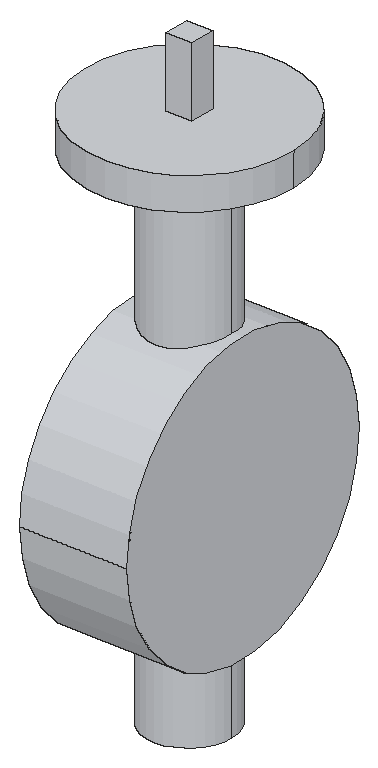
Revit family "HS497-67_disk-litina-volné vřeteno DN080-RFA_2019", category Pipe Accessories, Revit 2019
Family settings
  Round Connector Dimension = Use Diameter
  Part Type = Valve - Breaks Into
  Work Plane-Based = No
  Always vertical = Yes
  Cut with Voids When Loaded = No
  Shared = No
Parameters (values of type "HS 497-67_DN080_PN16_volné vřeteno")
  magiProductId = "9e85c75c18654e1185a9c48ed6b00e"
  magiProductFamilyId = "53cea81e6f374d17b8841d9c72ad77"
  magiPartTypeId = 305
  isMeasuringValve [instance] = no
  ang2D [instance] = 0.00°
  X11 = 61.456 mm
  X1 = 25.456 mm
  W2D = 1000 mm
  VersionID = "2.0/2017.9.26.1/ZETKAMA_497_001"
  Use Minimum Symbol Size [instance] = yes
  URL = "http://www.hydronic.cz"
  Type Comments = "mezipřírubová; litinový disk; PN16; -10~+110°C (krátkodobě +120°C)"
  SW30 = no
  SW3 = no
  SW21 = no
  SW20 = no
  SW2 = no
  SW1 = yes
  R = 40 mm
  QmdConnectorList = "301;D;302;D"
  Productdata [instance] = ""
  NC = 50 mm
  Model = ""
  Manufacturer = "Hydronic Systems Prague s.r.o."
  MM20 = 25.456 mm
  MC Product Code = "123 080 (litinový disk, s volným vřetenem; DN80; PN16, kvs258)"
  M41 = 66 mm
  M4 = 44 mm
  LHL = 220 mm
  LHH3 = 2.45 mm
  LHH1 = 46.55 mm
  LH1 = 73.333 mm
  L4R__ve = -L4R  # -12.8 mm
  L4R = 12.8 mm
  L42__ve = -L42  # -96 mm
  L42 = 96 mm
  L41__ve = -L41  # -19.2 mm
  L41 = 19.2 mm
  L2D_Min = 3048 mm
  L2D = 216 mm
  L2 = 23 mm
  L1 = 36.8 mm
  L = 46 mm
  H = 30 mm
  G22 = 11.25 mm
  G2 = 22.5 mm
  G1 = 90 mm
  G = 90 mm
  F = 11 mm
  E44 = 31.25 mm
  E42 = 62.5 mm
  E4 = 125 mm
  E23 = 4.9 mm
  E22 = 19.6 mm
  E21 = 9.8 mm
  Description = "Mezipřírubová uzavírací klapka s volným vřetenem; litinový disk, DN80; PN16; kvs258"
  DR2 = 40 mm
  DR = 124 mm
  DD1 = 15.625 mm
  DD = 12.5 mm
  D = 80 mm
  CAT0 = yes
  B2__ve = -B2  # -54 mm
  B2 = 54 mm
  A2 = 14.1 mm
  A1 = 86.9 mm
Types (43, lengths in mm): name | magiProductId | X11 | X1 | Type Comments | SW30 | SW3 | SW20 | SW2 | SW1 | R | NC | MM20 | MC Product Code | M41 | M4 | LHL | LHH3 | LHH1 | LH1 | L4R__ve | L4R | L42__ve | L42 | L41__ve | L41 | L2 | L1 | L | H | G | F | E44 | E42 | E4 | E23 | E22 | E21 | Description | DR2 | DR | DD1 | DD | D | B2__ve | B2 | A2 | A1
  HS 497-67_DN100_PN16_volné vřeteno | "65d1b245f4f142c78569c0602d5754" | 61.456 | 25.456 | "mezipřírubová; litinový disk; PN16; -10~+110°C (krátkodobě +120°C)" | no | no | no | no | yes | 50 | 50 | 25.456 | "123 100 (litinový disk, s volným vřetenem; DN100; PN16, kvs512)" | 66 | 44 | 220 | 2.45 | 46.55 | 73.333 | -12.8 | 12.8 | -96 | 96 | -19.2 | 19.2 | 26 | 41.6 | 52 | 30 | 90 | 11 | 31.25 | 62.5 | 125 | 4.9 | 19.6 | 9.8 | "Mezipřírubová uzavírací klapka s volným vřetenem; litinový disk, DN100; PN16; kvs512" | 50 | 147 | 15.625 | 12.5 | 100 | -56 | 56 | 16.5 | 98.5
  HS 497-67_DN100_PN16_převodové kolo | "11e91b807e674d428c8e796fcdcfe2" | 61.456 | 25.456 | "mezipřírubová; litinový disk; PN16; -10~+110°C (krátkodobě +120°C)" | yes | yes | no | no | no | 50 | 50 | 25.456 | "125 100 (litinový disk, s převodovým kolem; DN100; PN16, kvs512)" | 65.25 | 43.5 | 220 | 2.45 | 46.55 | 73.333 | -12.8 | 12.8 | -96 | 96 | -19.2 | 19.2 | 26 | 41.6 | 52 | 30 | 90 | 11 | 31.25 | 62.5 | 125 | 4.9 | 19.6 | 9.8 | "Mezipřírubová uzavírací klapka s převodovým kolem; litinový disk, DN100; PN16; kvs512" | 50 | 147 | 15.625 | 12.5 | 100 | -56 | 56 | 16.5 | 98.5
  HS 497-67_DN100_PN16_s pákou | "28172f0b3f4b47b28323ac71cf8749" | 61.456 | 25.456 | "mezipřírubová; litinový disk; PN16; -10~+110°C (krátkodobě +120°C)" | no | no | yes | yes | no | 50 | 50 | 25.456 | "120 100 (litinový disk, s pákou; DN100; PN16, kvs512)" | 66 | 44 | 260 | 3 | 57 | 86.667 | -12.8 | 12.8 | -96 | 96 | -19.2 | 19.2 | 26 | 41.6 | 52 | 30 | 90 | 11 | 31.25 | 62.5 | 125 | 6 | 24 | 12 | "Mezipřírubová uzavírací klapka s pákou; litinový disk, DN100; PN16; kvs512" | 50 | 147 | 15.625 | 12.5 | 100 | -56 | 56 | 16.5 | 98.5
  HS 497-67_DN125_PN16_volné vřeteno | "0d813d910fc14f628bb3c2efbd185c" | 61.456 | 25.456 | "mezipřírubová; litinový disk; PN16; -10~+110°C (krátkodobě +120°C)" | no | no | no | no | yes | 62.5 | 50 | 25.456 | "123 125 (litinový disk, s volným vřetenem; DN125; PN16, kvs872)" | 66 | 44 | 220 | 2.45 | 46.55 | 73.333 | -12.8 | 12.8 | -96 | 96 | -19.2 | 19.2 | 28 | 44.8 | 56 | 33 | 90 | 14 | 31.25 | 62.5 | 125 | 4.9 | 19.6 | 9.8 | "Mezipřírubová uzavírací klapka s volným vřetenem; litinový disk, DN125; PN16; kvs872" | 62.5 | 180 | 15.625 | 12.5 | 125 | -64 | 64 | 18 | 99.5
  HS 497-67_DN125_PN16_převodové kolo | "c56b7c13f372467684996fb1e0e229" | 61.456 | 25.456 | "mezipřírubová; litinový disk; PN16; -10~+110°C (krátkodobě +120°C)" | yes | yes | no | no | no | 62.5 | 50 | 25.456 | "125 125 (litinový disk, s převodovým kolem; DN125; PN16, kvs872)" | 65.25 | 43.5 | 220 | 2.45 | 46.55 | 73.333 | -13.5 | 13.5 | -101.25 | 101.25 | -20.25 | 20.25 | 28 | 44.8 | 56 | 33 | 90 | 14 | 40 | 80 | 160 | 4.9 | 19.6 | 9.8 | "Mezipřírubová uzavírací klapka s převodovým kolem; litinový disk, DN125; PN16; kvs872" | 62.5 | 180 | 20 | 16 | 125 | -64 | 64 | 18 | 99.5
  HS 497-67_DN125_PN16_s pákou | "105993c79a91492399feef7931321a" | 61.456 | 25.456 | "mezipřírubová; litinový disk; PN16; -10~+110°C (krátkodobě +120°C)" | no | no | yes | yes | no | 62.5 | 50 | 25.456 | "120 125 (litinový disk, s pákou; DN125; PN16, kvs872)" | 66 | 44 | 315 | 3.75 | 71.25 | 105 | -12.8 | 12.8 | -96 | 96 | -19.2 | 19.2 | 28 | 44.8 | 56 | 33 | 90 | 14 | 31.25 | 62.5 | 125 | 7.5 | 30 | 15 | "Mezipřírubová uzavírací klapka s pákou; litinový disk, DN125; PN16; kvs872" | 62.5 | 180 | 15.625 | 12.5 | 125 | -64 | 64 | 18 | 99.5
  HS 497-67_DN150_PN16_volné vřeteno | "50c80cb8ab434f55ab7796e5ac1331" | 61.456 | 25.456 | "mezipřírubová; litinový disk; PN16; -10~+110°C (krátkodobě +120°C)" | no | no | no | no | yes | 75 | 50 | 25.456 | "123 150 (litinový disk, s volným vřetenem; DN150; PN16, kvs1347)" | 66 | 44 | 220 | 2.45 | 46.55 | 73.333 | -12.8 | 12.8 | -96 | 96 | -19.2 | 19.2 | 28 | 44.8 | 56 | 33 | 90 | 14 | 31.25 | 62.5 | 125 | 4.9 | 19.6 | 9.8 | "Mezipřírubová uzavírací klapka s volným vřetenem; litinový disk, DN150; PN16; kvs1347" | 75 | 206 | 15.625 | 12.5 | 150 | -58 | 58 | 19.3 | 98.7
  HS 497-67_DN150_PN16_převodové kolo | "d94a1a0cf83b476eb10011b327f709" | 61.456 | 25.456 | "mezipřírubová; litinový disk; PN16; -10~+110°C (krátkodobě +120°C)" | yes | yes | no | no | no | 75 | 50 | 25.456 | "125 150 (litinový disk, s převodovým kolem; DN150; PN16, kvs1347)" | 65.25 | 43.5 | 220 | 2.45 | 46.55 | 73.333 | -13.5 | 13.5 | -101.25 | 101.25 | -20.25 | 20.25 | 28 | 44.8 | 56 | 33 | 90 | 14 | 40 | 80 | 160 | 4.9 | 19.6 | 9.8 | "Mezipřírubová uzavírací klapka s převodovým kolem; litinový disk, DN150; PN16; kvs1347" | 75 | 206 | 20 | 16 | 150 | -58 | 58 | 19.3 | 98.7
  HS 497-67_DN150_PN16_s pákou | "4d2835523fe84828bc50ff0a5a0dfb" | 61.456 | 25.456 | "mezipřírubová; litinový disk; PN16; -10~+110°C (krátkodobě +120°C)" | no | no | yes | yes | no | 75 | 50 | 25.456 | "120 150 (litinový disk, s pákou; DN150; PN16, kvs1347)" | 66 | 44 | 315 | 3.75 | 71.25 | 105 | -12.8 | 12.8 | -96 | 96 | -19.2 | 19.2 | 28 | 44.8 | 56 | 33 | 90 | 14 | 31.25 | 62.5 | 125 | 7.5 | 30 | 15 | "Mezipřírubová uzavírací klapka s pákou; litinový disk, DN150; PN16; kvs1347" | 75 | 206 | 15.625 | 12.5 | 150 | -58 | 58 | 19.3 | 98.7
  HS 497-67_DN200_PN16_volné vřeteno | "5b29029eaeba47139ee1055a4b9201" | 61.456 | 25.456 | "mezipřírubová; litinový disk; PN16; -10~+110°C (krátkodobě +120°C)" | no | no | no | no | yes | 100 | 50 | 25.456 | "123 200 (litinový disk, s volným vřetenem; DN200; PN16, kvs2675)" | 66 | 44 | 220 | 2.45 | 46.55 | 73.333 | -12.8 | 12.8 | -96 | 96 | -19.2 | 19.2 | 30 | 48 | 60 | 33 | 90 | 17 | 31.25 | 62.5 | 125 | 4.9 | 19.6 | 9.8 | "Mezipřírubová uzavírací klapka s volným vřetenem; litinový disk, DN200; PN16; kvs2675" | 100 | 257 | 15.625 | 12.5 | 200 | -70 | 70 | 22.5 | 102.5
  HS 497-67_DN200_PN16_převodové kolo | "b2793cc1fcc44cf2a35062cd67c04f" | 61.456 | 25.456 | "mezipřírubová; litinový disk; PN16; -10~+110°C (krátkodobě +120°C)" | yes | yes | no | no | no | 100 | 57 | 25.456 | "125 200 (litinový disk, s převodovým kolem; DN200; PN16, kvs2675)" | 78.75 | 52.5 | 220 | 2.45 | 46.55 | 73.333 | -15.2 | 15.2 | -114 | 114 | -22.8 | 22.8 | 30 | 48 | 60 | 33 | 90 | 17 | 50 | 100 | 200 | 4.9 | 19.6 | 9.8 | "Mezipřírubová uzavírací klapka s převodovým kolem; litinový disk, DN200; PN16; kvs2675" | 100 | 257 | 25 | 20 | 200 | -70 | 70 | 22.5 | 102.5
  HS 497-67_DN200_PN16_s pákou | "f88d96c7af224537a51e72d7d8fffe" | 61.456 | 25.456 | "mezipřírubová; litinový disk; PN16; -10~+110°C (krátkodobě +120°C)" | no | no | yes | yes | no | 100 | 50 | 25.456 | "120 200 (litinový disk, s pákou; DN200; PN16, kvs2675)" | 66 | 44 | 315 | 3.75 | 71.25 | 105 | -12.8 | 12.8 | -96 | 96 | -19.2 | 19.2 | 30 | 48 | 60 | 33 | 90 | 17 | 31.25 | 62.5 | 125 | 7.5 | 30 | 15 | "Mezipřírubová uzavírací klapka s pákou; litinový disk, DN200; PN16; kvs2675" | 100 | 257 | 15.625 | 12.5 | 200 | -70 | 70 | 22.5 | 102.5
  HS 497-67_DN250_PN16_volné vřeteno | "b662e8305ca2402b9c510e66e6aa55" | 88.77 | 36.77 | "mezipřírubová; litinový disk; PN16; -10~+110°C (krátkodobě +120°C)" | no | no | no | no | yes | 125 | 50 | 36.77 | "123 250 (litinový disk, s volným vřetenem; DN250; PN16, kvs4555)" | 66 | 44 | 220 | 2.45 | 46.55 | 73.333 | -12.8 | 12.8 | -96 | 96 | -19.2 | 19.2 | 34 | 54.4 | 68 | 23 | 130 | 22 | 31.25 | 62.5 | 125 | 4.9 | 19.6 | 9.8 | "Mezipřírubová uzavírací klapka s volným vřetenem; litinový disk, DN250; PN16; kvs4555" | 125 | 324 | 15.625 | 12.5 | 250 | -85 | 85 | 28.25 | 129.25
  HS 497-67_DN250_PN16_převodové kolo | "5ee9016806664ddfaa2632711f295c" | 88.77 | 36.77 | "mezipřírubová; litinový disk; PN16; -10~+110°C (krátkodobě +120°C)" | yes | yes | no | no | no | 125 | 70 | 36.77 | "125 250 (litinový disk, s převodovým kolem; DN250; PN16, kvs4555)" | 91.5 | 61 | 220 | 2.45 | 46.55 | 73.333 | -22.2 | 22.2 | -166.5 | 166.5 | -33.3 | 33.3 | 34 | 54.4 | 68 | 23 | 130 | 22 | 62.5 | 125 | 250 | 4.9 | 19.6 | 9.8 | "Mezipřírubová uzavírací klapka s převodovým kolem; litinový disk, DN250; PN16; kvs4555" | 125 | 324 | 31.25 | 25 | 250 | -85 | 85 | 28.25 | 129.25
  HS 497-67_DN300_PN16_volné vřeteno | "e1886f51ff004380a649519258edf2" | 88.77 | 36.77 | "mezipřírubová; litinový disk; PN16; -10~+110°C (krátkodobě +120°C)" | no | no | no | no | yes | 150 | 50 | 36.77 | "123 300 (litinový disk, s volným vřetenem; DN300; PN16, kvs7037)" | 66 | 44 | 220 | 2.45 | 46.55 | 73.333 | -12.8 | 12.8 | -96 | 96 | -19.2 | 19.2 | 39 | 62.4 | 78 | 23 | 130 | 22 | 31.25 | 62.5 | 125 | 4.9 | 19.6 | 9.8 | "Mezipřírubová uzavírací klapka s volným vřetenem; litinový disk, DN300; PN16; kvs7037" | 150 | 376 | 15.625 | 12.5 | 300 | -90 | 90 | 30.8 | 127.2
  HS 497-67_DN300_PN16_převodové kolo | "6860f094f77d42088fbebc3c97f755" | 88.77 | 36.77 | "mezipřírubová; litinový disk; PN16; -10~+110°C (krátkodobě +120°C)" | yes | yes | no | no | no | 150 | 70 | 36.77 | "125 300 (litinový disk, s převodovým kolem; DN300; PN16, kvs7037)" | 91.5 | 61 | 220 | 2.45 | 46.55 | 73.333 | -22.2 | 22.2 | -166.5 | 166.5 | -33.3 | 33.3 | 39 | 62.4 | 78 | 23 | 130 | 22 | 62.5 | 125 | 250 | 4.9 | 19.6 | 9.8 | "Mezipřírubová uzavírací klapka s převodovým kolem; litinový disk, DN300; PN16; kvs7037" | 150 | 376 | 31.25 | 25 | 300 | -90 | 90 | 30.8 | 127.2
  HS 497-67_DN032_PN16_volné vřeteno | "8c5f65de52aa4067a77564107e31b2" | 61.456 | 25.456 | "mezipřírubová; litinový disk; PN16; -10~+110°C (krátkodobě +120°C)" | no | no | no | no | yes | 16 | 50 | 25.456 | "123 032 (litinový disk, s volným vřetenem; DN32; PN16, kvs78)" | 66 | 44 | 220 | 2.45 | 46.55 | 73.333 | -12.8 | 12.8 | -96 | 96 | -19.2 | 19.2 | 16.5 | 26.4 | 33 | 30 | 90 | 11 | 31.25 | 62.5 | 125 | 4.9 | 19.6 | 9.8 | "Mezipřírubová uzavírací klapka s volným vřetenem; litinový disk, DN32; PN16; kvs78" | 16 | 68 | 15.625 | 12.5 | 32 | -44.2 | 44.2 | 10.25 | 76.25
  HS 497-67_DN032_PN16_převodové kolo | "60aaeffa8b3a4e809ef000e4660060" | 61.456 | 25.456 | "mezipřírubová; litinový disk; PN16; -10~+110°C (krátkodobě +120°C)" | yes | yes | no | no | no | 16 | 50 | 25.456 | "125 032 (litinový disk, s převodovým kolem; DN32; PN16, kvs78)" | 65.25 | 43.5 | 220 | 2.45 | 46.55 | 73.333 | -12.8 | 12.8 | -96 | 96 | -19.2 | 19.2 | 16.5 | 26.4 | 33 | 30 | 90 | 11 | 31.25 | 62.5 | 125 | 4.9 | 19.6 | 9.8 | "Mezipřírubová uzavírací klapka s převodovým kolem; litinový disk, DN32; PN16; kvs78" | 16 | 68 | 15.625 | 12.5 | 32 | -44.2 | 44.2 | 10.25 | 76.25
  HS 497-67_DN032_PN16_s pákou | "9ad8088d610749a1b871aa2aad8007" | 61.456 | 25.456 | "mezipřírubová; litinový disk; PN16; -10~+110°C (krátkodobě +120°C)" | no | no | yes | yes | no | 16 | 50 | 25.456 | "120 032 (litinový disk, s pákou; DN32; PN16, kvs78)" | 66 | 44 | 220 | 2.45 | 46.55 | 73.333 | -12.8 | 12.8 | -96 | 96 | -19.2 | 19.2 | 16.5 | 26.4 | 33 | 30 | 90 | 11 | 31.25 | 62.5 | 125 | 4.9 | 19.6 | 9.8 | "Mezipřírubová uzavírací klapka s pákou; litinový disk, DN32; PN16; kvs78" | 16 | 68 | 15.625 | 12.5 | 32 | -44.2 | 44.2 | 10.25 | 76.25
  HS 497-67_DN350_PN10_volné vřeteno | "72a1e05f22944421b7e9596a877137" | 109.255 | 45.255 | "mezipřírubová; litinový disk; PN10; -10~+110°C (krátkodobě +120°C)" | no | no | no | no | yes | 175 | 50 | 45.255 | "123 350 (litinový disk, s volným vřetenem; DN350; PN10, kvs10165)" | 66 | 44 | 220 | 2.45 | 46.55 | 73.333 | -12.8 | 12.8 | -96 | 96 | -19.2 | 19.2 | 39 | 62.4 | 78 | 31 | 160 | 22 | 31.25 | 62.5 | 125 | 4.9 | 19.6 | 9.8 | "Mezipřírubová uzavírací klapka s volným vřetenem; litinový disk, DN350; PN10; kvs10165" | 175 | 430 | 15.625 | 12.5 | 350 | -88 | 88 | 33.85 | 129.65
  HS 497-67_DN350_PN10_převodové kolo | "a5a01426cb28494ba3afca92f1dace" | 109.255 | 45.255 | "mezipřírubová; litinový disk; PN10; -10~+110°C (krátkodobě +120°C)" | yes | yes | no | no | no | 175 | 70 | 45.255 | "125 350 (litinový disk, s převodovým kolem; DN350; PN10, kvs10165)" | 91.5 | 61 | 220 | 2.45 | 46.55 | 73.333 | -22.2 | 22.2 | -166.5 | 166.5 | -33.3 | 33.3 | 39 | 62.4 | 78 | 31 | 160 | 22 | 62.5 | 125 | 250 | 4.9 | 19.6 | 9.8 | "Mezipřírubová uzavírací klapka s převodovým kolem; litinový disk, DN350; PN10; kvs10165" | 175 | 430 | 31.25 | 25 | 350 | -88 | 88 | 33.85 | 129.65
  HS 497-67_DN400_PN10_volné vřeteno | "c70ebeb927c04ab99b176e257ad0a7" | 109.255 | 45.255 | "mezipřírubová; litinový disk; PN10; -10~+110°C (krátkodobě +120°C)" | no | no | no | no | yes | 200 | 50 | 45.255 | "123 400 (litinový disk, s volným vřetenem; DN400; PN10, kvs13799)" | 66 | 44 | 220 | 2.45 | 46.55 | 73.333 | -12.8 | 12.8 | -96 | 96 | -19.2 | 19.2 | 51 | 81.6 | 102 | 31 | 160 | 27 | 31.25 | 62.5 | 125 | 4.9 | 19.6 | 9.8 | "Mezipřírubová uzavírací klapka s volným vřetenem; litinový disk, DN400; PN10; kvs13799" | 200 | 485 | 15.625 | 12.5 | 400 | -108 | 108 | 38 | 142
  HS 497-67_DN400_PN10_převodové kolo | "cc64a4384dcb41b780d81810f4f293" | 109.255 | 45.255 | "mezipřírubová; litinový disk; PN10; -10~+110°C (krátkodobě +120°C)" | yes | yes | no | no | no | 200 | 72.5 | 45.255 | "125 400 (litinový disk, s převodovým kolem; DN400; PN10, kvs13799)" | 103.5 | 69 | 220 | 2.45 | 46.55 | 73.333 | -27.8 | 27.8 | -208.5 | 208.5 | -41.7 | 41.7 | 51 | 81.6 | 102 | 31 | 160 | 27 | 75 | 150 | 300 | 4.9 | 19.6 | 9.8 | "Mezipřírubová uzavírací klapka s převodovým kolem; litinový disk, DN400; PN10; kvs13799" | 200 | 485 | 37.5 | 30 | 400 | -108 | 108 | 38 | 142
  HS 497-67_DN040_PN16_volné vřeteno | "35f92312390745e88df5b5c325d9ee" | 61.456 | 25.456 | "mezipřírubová; litinový disk; PN16; -10~+110°C (krátkodobě +120°C)" | no | no | no | no | yes | 20 | 50 | 25.456 | "123 040 (litinový disk, s volným vřetenem; DN40; PN16, kvs78)" | 66 | 44 | 220 | 2.45 | 46.55 | 73.333 | -12.8 | 12.8 | -96 | 96 | -19.2 | 19.2 | 16.5 | 26.4 | 33 | 30 | 90 | 11 | 31.25 | 62.5 | 125 | 4.9 | 19.6 | 9.8 | "Mezipřírubová uzavírací klapka s volným vřetenem; litinový disk, DN40; PN16; kvs78" | 20 | 76 | 15.625 | 12.5 | 40 | -36 | 36 | 11 | 79
  HS 497-67_DN040_PN16_převodové kolo | "d88e968eae3445bc9b7b4e6ff35127" | 61.456 | 25.456 | "mezipřírubová; litinový disk; PN16; -10~+110°C (krátkodobě +120°C)" | yes | yes | no | no | no | 20 | 50 | 25.456 | "125 040 (litinový disk, s převodovým kolem; DN40; PN16, kvs78)" | 65.25 | 43.5 | 220 | 2.45 | 46.55 | 73.333 | -12.8 | 12.8 | -96 | 96 | -19.2 | 19.2 | 16.5 | 26.4 | 33 | 30 | 90 | 11 | 31.25 | 62.5 | 125 | 4.9 | 19.6 | 9.8 | "Mezipřírubová uzavírací klapka s převodovým kolem; litinový disk, DN40; PN16; kvs78" | 20 | 76 | 15.625 | 12.5 | 40 | -36 | 36 | 11 | 79
  HS 497-67_DN040_PN16_s pákou | "c1b522ca65b4407a98818f232eaacb" | 61.456 | 25.456 | "mezipřírubová; litinový disk; PN16; -10~+110°C (krátkodobě +120°C)" | no | no | yes | yes | no | 20 | 50 | 25.456 | "120 040 (litinový disk, s pákou; DN40; PN16, kvs78)" | 66 | 44 | 220 | 2.45 | 46.55 | 73.333 | -12.8 | 12.8 | -96 | 96 | -19.2 | 19.2 | 16.5 | 26.4 | 33 | 30 | 90 | 11 | 31.25 | 62.5 | 125 | 4.9 | 19.6 | 9.8 | "Mezipřírubová uzavírací klapka s pákou; litinový disk, DN40; PN16; kvs78" | 20 | 76 | 15.625 | 12.5 | 40 | -36 | 36 | 11 | 79
  HS 497-67_DN450_PN10_volné vřeteno | "a8358bc282f14872b3194e530e590a" | 129.74 | 53.74 | "mezipřírubová; litinový disk; PN10; -10~+110°C (krátkodobě +120°C)" | no | no | no | no | yes | 225 | 50 | 53.74 | "123 450 (litinový disk, s volným vřetenem; DN450; PN10, kvs18514)" | 66 | 44 | 220 | 2.45 | 46.55 | 73.333 | -12.8 | 12.8 | -96 | 96 | -19.2 | 19.2 | 57 | 91.2 | 114 | 38 | 190 | 36 | 31.25 | 62.5 | 125 | 4.9 | 19.6 | 9.8 | "Mezipřírubová uzavírací klapka s volným vřetenem; litinový disk, DN450; PN10; kvs18514" | 225 | 536 | 15.625 | 12.5 | 450 | -115 | 115 | 38.05 | 117.45
  HS 497-67_DN450_PN10_převodové kolo | "cdf2d80f54a9414f9cbe50647c0ebd" | 129.74 | 53.74 | "mezipřírubová; litinový disk; PN10; -10~+110°C (krátkodobě +120°C)" | yes | yes | no | no | no | 225 | 91.5 | 53.74 | "125 450 (litinový disk, s převodovým kolem; DN450; PN10, kvs18514)" | 144.75 | 96.5 | 220 | 2.45 | 46.55 | 73.333 | -32.1 | 32.1 | -240.75 | 240.75 | -48.15 | 48.15 | 57 | 91.2 | 114 | 38 | 190 | 36 | 100 | 200 | 400 | 4.9 | 19.6 | 9.8 | "Mezipřírubová uzavírací klapka s převodovým kolem; litinový disk, DN450; PN10; kvs18514" | 225 | 536 | 50 | 40 | 450 | -115 | 115 | 38.05 | 117.45
  HS 497-67_DN500_PN10_volné vřeteno | "8c396e27bb2743f98f3c762b6517cd" | 143.397 | 59.397 | "mezipřírubová; litinový disk; PN10; -10~+110°C (krátkodobě +120°C)" | no | no | no | no | yes | 250 | 50 | 59.397 | "123 500 (litinový disk, s volným vřetenem; DN500; PN10, kvs23805)" | 66 | 44 | 220 | 2.45 | 46.55 | 73.333 | -12.8 | 12.8 | -96 | 96 | -19.2 | 19.2 | 63.5 | 101.6 | 127 | 38 | 210 | 36 | 31.25 | 62.5 | 125 | 4.9 | 19.6 | 9.8 | "Mezipřírubová uzavírací klapka s volným vřetenem; litinový disk, DN500; PN10; kvs23805" | 250 | 593 | 15.625 | 12.5 | 500 | -130 | 130 | 43.25 | 139.25
  HS 497-67_DN500_PN10_převodové kolo | "7647804f32e94cef828a7034a91a46" | 143.397 | 59.397 | "mezipřírubová; litinový disk; PN10; -10~+110°C (krátkodobě +120°C)" | yes | yes | no | no | no | 250 | 91.5 | 59.397 | "125 500 (litinový disk, s převodovým kolem; DN500; PN10, kvs23805)" | 144.75 | 96.5 | 220 | 2.45 | 46.55 | 73.333 | -32.1 | 32.1 | -240.75 | 240.75 | -48.15 | 48.15 | 63.5 | 101.6 | 127 | 38 | 210 | 36 | 100 | 200 | 400 | 4.9 | 19.6 | 9.8 | "Mezipřírubová uzavírací klapka s převodovým kolem; litinový disk, DN500; PN10; kvs23805" | 250 | 593 | 50 | 40 | 500 | -130 | 130 | 43.25 | 139.25
  HS 497-67_DN050_volné vřeteno | "d71f296ecd6d4adf8f6e5d9853b4e0" | 61.456 | 25.456 | "mezipřírubová; litinový disk; PN16; -10~+110°C (krátkodobě +120°C)" | no | no | no | no | yes | 25 | 50 | 25.456 | "123 050 (litinový disk, s volným vřetenem; DN50; PN16, kvs98)" | 66 | 44 | 220 | 2.45 | 46.55 | 73.333 | -12.8 | 12.8 | -96 | 96 | -19.2 | 19.2 | 21.5 | 34.4 | 43 | 30 | 90 | 11 | 31.25 | 62.5 | 125 | 4.9 | 19.6 | 9.8 | "Mezipřírubová uzavírací klapka s volným vřetenem; litinový disk, DN50; PN16; kvs98" | 25 | 100 | 15.625 | 12.5 | 50 | -36.5 | 36.5 | 12 | 83
  HS 497-67_DN050_PN16_převodové kolo | "2fb080deeaed49c58418b94c1da5a4" | 61.456 | 25.456 | "mezipřírubová; litinový disk; PN16; -10~+110°C (krátkodobě +120°C)" | yes | yes | no | no | no | 25 | 50 | 25.456 | "125 050 (litinový disk, s převodovým kolem; DN50; PN16, kvs98)" | 65.25 | 43.5 | 220 | 2.45 | 46.55 | 73.333 | -12.8 | 12.8 | -96 | 96 | -19.2 | 19.2 | 21.5 | 34.4 | 43 | 30 | 90 | 11 | 31.25 | 62.5 | 125 | 4.9 | 19.6 | 9.8 | "Mezipřírubová uzavírací klapka s převodovým kolem; litinový disk, DN50; PN16; kvs98" | 25 | 100 | 15.625 | 12.5 | 50 | -36.5 | 36.5 | 12 | 83
  HS 497-67_DN050_PN16_s pákou | "dabc632061f94877a994b9b4e68112" | 61.456 | 25.456 | "mezipřírubová; litinový disk; PN16; -10~+110°C (krátkodobě +120°C)" | no | no | yes | yes | no | 25 | 50 | 25.456 | "120 050 (litinový disk, s pákou; DN50; PN16, kvs98)" | 66 | 44 | 220 | 2.45 | 46.55 | 73.333 | -12.8 | 12.8 | -96 | 96 | -19.2 | 19.2 | 21.5 | 34.4 | 43 | 30 | 90 | 11 | 31.25 | 62.5 | 125 | 4.9 | 19.6 | 9.8 | "Mezipřírubová uzavírací klapka s pákou; litinový disk, DN50; PN16; kvs98" | 25 | 100 | 15.625 | 12.5 | 50 | -36.5 | 36.5 | 12 | 83
  HS 497-67_DN600_PN10_volné vřeteno | "99d5892c14664fce81a7c5903f7711" | 143.397 | 59.397 | "mezipřírubová; litinový disk; PN10; -10~+110°C (krátkodobě +120°C)" | no | no | no | no | yes | 300 | 50 | 59.397 | "123 600 (litinový disk, s volným vřetenem; DN600; PN10, kvs36778)" | 66 | 44 | 220 | 2.45 | 46.55 | 73.333 | -12.8 | 12.8 | -96 | 96 | -19.2 | 19.2 | 77 | 123.2 | 154 | 80 | 210 | 60 | 31.25 | 62.5 | 125 | 4.9 | 19.6 | 9.8 | "Mezipřírubová uzavírací klapka s volným vřetenem; litinový disk, DN600; PN10; kvs36788" | 300 | 690 | 15.625 | 12.5 | 600 | -140 | 140 | 49.4 | 144.6
  HS 497-67_DN600_PN10_převodové kolo | "b1e26faab48a4c499f6bb11e7e3002" | 143.397 | 59.397 | "mezipřírubová; litinový disk; PN10; -10~+110°C (krátkodobě +120°C)" | yes | yes | no | no | no | 300 | 140 | 59.397 | "125 600 (litinový disk, s převodovým kolem; DN600; PN10, kvs36778)" | 206.25 | 137.5 | 220 | 2.45 | 46.55 | 73.333 | -40.8 | 40.8 | -306 | 306 | -61.2 | 61.2 | 77 | 123.2 | 154 | 80 | 210 | 60 | 125 | 250 | 500 | 4.9 | 19.6 | 9.8 | "Mezipřírubová uzavírací klapka s převodovým kolem; litinový disk, DN600; PN10; kvs36788" | 300 | 690 | 62.5 | 50 | 600 | -140 | 140 | 49.4 | 144.6
  HS 497-67_DN065_PN16_volné vřeteno | "5e5e208646e34ec29f889baab5d08e" | 61.456 | 25.456 | "mezipřírubová; litinový disk; PN16; -10~+110°C (krátkodobě +120°C)" | no | no | no | no | yes | 32.5 | 50 | 25.456 | "123 065 (litinový disk, s volným vřetenem; DN65; PN16, kvs167)" | 66 | 44 | 220 | 2.45 | 46.55 | 73.333 | -12.8 | 12.8 | -96 | 96 | -19.2 | 19.2 | 23 | 36.8 | 46 | 30 | 90 | 11 | 31.25 | 62.5 | 125 | 4.9 | 19.6 | 9.8 | "Mezipřírubová uzavírací klapka s volným vřetenem; litinový disk, DN65; PN16; kv167" | 32.5 | 108 | 15.625 | 12.5 | 65 | -36.5 | 36.5 | 13.5 | 89
  HS 497-67_DN065_PN16_převodové kolo | "654d74c8d15540b0bfe523d988ccb3" | 61.456 | 25.456 | "mezipřírubová; litinový disk; PN16; -10~+110°C (krátkodobě +120°C)" | yes | yes | no | no | no | 32.5 | 50 | 25.456 | "125 065 (litinový disk, s převodovým kolem; DN65; PN16, kvs167)" | 65.25 | 43.5 | 220 | 2.45 | 46.55 | 73.333 | -12.8 | 12.8 | -96 | 96 | -19.2 | 19.2 | 23 | 36.8 | 46 | 30 | 90 | 11 | 31.25 | 62.5 | 125 | 4.9 | 19.6 | 9.8 | "Mezipřírubová uzavírací klapka s převodovým kolem; litinový disk, DN65; PN16; kvs167" | 32.5 | 108 | 15.625 | 12.5 | 65 | -36.5 | 36.5 | 13.5 | 89
  HS 497-67_DN065_PN16_s pákou | "ebeb4b59db0641caaf6d6635ab37b9" | 61.456 | 25.456 | "mezipřírubová; litinový disk; PN16; -10~+110°C (krátkodobě +120°C)" | no | no | yes | yes | no | 32.5 | 50 | 25.456 | "120 065 (litinový disk, s pákou; DN65; PN16, kvs167)" | 66 | 44 | 220 | 2.45 | 46.55 | 73.333 | -12.8 | 12.8 | -96 | 96 | -19.2 | 19.2 | 23 | 36.8 | 46 | 30 | 90 | 11 | 31.25 | 62.5 | 125 | 4.9 | 19.6 | 9.8 | "Mezipřírubová uzavírací klapka s pákou; litinový disk, DN65; PN16; kvs167" | 32.5 | 108 | 15.625 | 12.5 | 65 | -36.5 | 36.5 | 13.5 | 89
  HS 497-67_DN080_PN16_volné vřeteno | "9e85c75c18654e1185a9c48ed6b00e" | 61.456 | 25.456 | "mezipřírubová; litinový disk; PN16; -10~+110°C (krátkodobě +120°C)" | no | no | no | no | yes | 40 | 50 | 25.456 | "123 080 (litinový disk, s volným vřetenem; DN80; PN16, kvs258)" | 66 | 44 | 220 | 2.45 | 46.55 | 73.333 | -12.8 | 12.8 | -96 | 96 | -19.2 | 19.2 | 23 | 36.8 | 46 | 30 | 90 | 11 | 31.25 | 62.5 | 125 | 4.9 | 19.6 | 9.8 | "Mezipřírubová uzavírací klapka s volným vřetenem; litinový disk, DN80; PN16; kvs258" | 40 | 124 | 15.625 | 12.5 | 80 | -54 | 54 | 14.1 | 86.9
  HS 497-67_DN080_PN16_převodové kolo | "5b3c8238c3d041e68c75b199e7ea46" | 61.456 | 25.456 | "mezipřírubová; litinový disk; PN16; -10~+110°C (krátkodobě +120°C)" | yes | yes | no | no | no | 40 | 50 | 25.456 | "125 080 (litinový disk, s převodovým kolem; DN80; PN16, kvs258)" | 65.25 | 43.5 | 220 | 2.45 | 46.55 | 73.333 | -12.8 | 12.8 | -96 | 96 | -19.2 | 19.2 | 23 | 36.8 | 46 | 30 | 90 | 11 | 31.25 | 62.5 | 125 | 4.9 | 19.6 | 9.8 | "Mezipřírubová uzavírací klapka s převodovým kolem; litinový disk, DN80; PN16; kvs258" | 40 | 124 | 15.625 | 12.5 | 80 | -54 | 54 | 14.1 | 86.9
  HS 497-67_DN080_PN16_s pákou | "e414795fab0f4eccb99bc3572c5477" | 61.456 | 25.456 | "mezipřírubová; litinový disk; PN16; -10~+110°C (krátkodobě +120°C)" | no | no | yes | yes | no | 40 | 50 | 25.456 | "120 080 (litinový disk, s pákou; DN80; PN16, kvs258)" | 66 | 44 | 260 | 3 | 57 | 86.667 | -12.8 | 12.8 | -96 | 96 | -19.2 | 19.2 | 23 | 36.8 | 46 | 30 | 90 | 11 | 31.25 | 62.5 | 125 | 6 | 24 | 12 | "Mezipřírubová uzavírací klapka s pákou; litinový disk, DN80; PN16; kvs258" | 40 | 124 | 15.625 | 12.5 | 80 | -54 | 54 | 14.1 | 86.9
  HS 497-67_DN250_PN16_s pákou | "" | 88.77 | 36.77 | "mezipřírubová; litinový disk; PN16; -10~+110°C (krátkodobě +120°C)" | no | no | yes | yes | no | 125 | 70 | 36.77 | "120 250 (litinový disk, s pákou; DN250; PN16, kvs4555)" | 91.5 | 61 | 220 | 2.45 | 46.55 | 73.333 | -22.2 | 22.2 | -166.5 | 166.5 | -33.3 | 33.3 | 34 | 54.4 | 68 | 23 | 130 | 22 | 62.5 | 125 | 250 | 4.9 | 19.6 | 9.8 | "Mezipřírubová uzavírací klapka s pákou; litinový disk, DN250; PN16; kvs4555" | 125 | 324 | 31.25 | 25 | 250 | -85 | 85 | 28.25 | 129.25
  HS 497-67_DN300_PN16_s pákou | "" | 88.77 | 36.77 | "mezipřírubová; litinový disk; PN16; -10~+110°C (krátkodobě +120°C)" | no | no | yes | yes | no | 150 | 70 | 36.77 | "120 300 (litinový disk, s pákou; DN300; PN16, kvs7037)" | 91.5 | 61 | 220 | 2.45 | 46.55 | 73.333 | -22.2 | 22.2 | -166.5 | 166.5 | -33.3 | 33.3 | 39 | 62.4 | 78 | 23 | 130 | 22 | 62.5 | 125 | 250 | 4.9 | 19.6 | 9.8 | "Mezipřírubová uzavírací klapka s pákou; litinový disk, DN300; PN16; kvs7037" | 150 | 376 | 31.25 | 25 | 300 | -90 | 90 | 30.8 | 127.2
Reference planes
  plane 1 "Center (Front/Back)": y = 0
  plane 2 "XYPLANE": z = 0
  plane 3 "Center (Left/Right)": x = 0
  plane 4 "473": x = -25.456
  plane 5 "472": x = -66
  plane 6 "471": y = -25.456
  plane 7 "470": y = 25.456
  plane 8 "469": x = -44
  plane 9 "468": y = -115.2
  plane 10 "467": y = -96
  plane 11 "466": z = 172.25
  plane 12 "465": z = 187.55
  plane 13 "464": y = 145.417
  plane 14 "463": z = 177.75
  plane 15 "462": z = 160.6
  plane 16 "461": z = 170.4
  plane 17 "460": y = 72.083
  plane 18 "459": x = -11.25
  plane 19 "458": x = 11.25
  plane 20 "457": y = -6.25
  plane 21 "456": x = -17.5
  plane 22 "455": x = 17.5
  plane 23 "454": z = 175.3
  plane 24 "453": y = 62.083
  plane 25 "452": y = -11.25
  plane 26 "451": x = -22.5
  plane 27 "450": x = 22.5
  plane 28 "449": z = 155.7
  plane 29 "448": z = 150.8
  plane 30 "447": z = -40
  plane 31 "446": z = 141
  plane 32 "445": z = 126.9
  plane 33 "444": z = 40
  plane 34 "443": x = 23
  plane 35 "442": x = -23
  plane 36 "441": z = 0
  plane 37 "440": y = 0
  plane 38 "439": x = 0
  plane 39 "438": z = 190
  plane 40 "437": z = 175.3
  plane 41 "436": x = 13.7
  plane 42 "435": x = -13.7
  plane 43 "434": y = 220
Forms (mm)
  Extrusion 1, solid, visible <- "SW3"
    sketch origin (-750, 0, 141) x (1, 0, 0) y (0, 1, 0)
      loop
        line (684, 25.456) -> (684, -25.456) -> (724.544, -25.456)
        arc (724.544, -25.456) -> (786, 0) -> (724.544, 25.456) r 36
        line (724.544, 25.456) -> (684, 25.456)
    from 0 to 62.5 <- "E42"
  Extrusion 2, solid, visible <- "SW30"
    sketch origin (0, -750, 0) x (0, 1, 0) y (0, 0, 1)
      loop
        circle (750, 172.25) r 7.813
    from 0 to 50 <- "NC"
  Extrusion 3, solid, visible <- "SW30"
    sketch origin (750, -115.2, 0) x (-1, 0, 0) y (0, 0, 1)
      loop
        circle (794, 172.25) r 62.5
    from 0 to -12.8 <- "L4R__ve"
  Extrusion 4, solid, visible <- "SW3"
    sketch origin (750, -96, 0) x (-1, 0, 0) y (0, 0, 1)
      loop
        circle (794, 172.25) r 7.813
    from 0 to -19.2 <- "L41__ve"
  Extrusion 5, solid, visible <- "SW30"
    sketch origin (750, 0, 0) x (-1, 0, 0) y (0, 0, 1)
      loop
        circle (794, 172.25) r 6.25
    from 0 to -96 <- "L42__ve"
  Blend 6, solid, visible <- "SW21"
    base sketch origin (750, 72.083, 0) x (-1, 0, 0) y (0, 0, 1)
      loop
        line (761.25, 170.4) -> (738.75, 170.4) -> (738.75, 160.6) -> (761.25, 160.6) -> (761.25, 170.4)
    top sketch origin (750, 72.083, 0) x (-1, 0, 0) y (0, 0, 1)
      loop
        line (761.25, 187.55) -> (738.75, 187.55) -> (738.75, 177.75) -> (761.25, 177.75) -> (761.25, 187.55)
    from 0 to 73.333
  Blend 7, solid, visible <- "SW21"
    base sketch origin (750, 62.083, 0) x (-1, 0, 0) y (0, 0, 1)
      loop
        line (761.25, 175.3) -> (738.75, 175.3) -> (738.75, 155.7) -> (761.25, 155.7) -> (761.25, 175.3)
    top sketch origin (750, 62.083, 0) x (-1, 0, 0) y (0, 0, 1)
      loop
        line (761.25, 170.4) -> (738.75, 170.4) -> (738.75, 160.6) -> (761.25, 160.6) -> (761.25, 170.4)
    from 0 to 10
  Blend 8, solid, visible <- "SW21"
    base sketch origin (-750, 0, 155.7) x (1, 0, 0) y (0, 1, 0)
      loop
        line (772.5, 62.083) -> (727.5, 62.083) -> (727.5, -11.25)
        arc (727.5, -11.25) -> (750, -31.25) -> (772.5, -11.25) r 22.656
        line (772.5, -11.25) -> (772.5, 62.083)
    top sketch origin (-750, 0, 155.7) x (1, 0, 0) y (0, 1, 0)
      loop
        line (767.5, 62.083) -> (732.5, 62.083) -> (732.5, -6.25)
        arc (732.5, -6.25) -> (750, -26.25) -> (767.5, -6.25) r 17.656
        line (767.5, -6.25) -> (767.5, 62.083)
    from 0 to 19.6
  Extrusion 9, solid, visible <- "SW2"
    sketch origin (-750, 0, 150.8) x (1, 0, 0) y (0, 1, 0)
      loop
        circle (750, 0) r 11.25
    from 0 to 4.9 <- "E23"
  Extrusion 10, solid, visible <- "SW2"
    sketch origin (-750, 0, 141) x (1, 0, 0) y (0, 1, 0)
      loop
        circle (750, 0) r 45
    from 0 to 9.8 <- "E21"
  Extrusion 11, solid, visible <- "CAT0"
    sketch origin (-750, 0, -40) x (1, 0, 0) y (0, 1, 0)
      loop
        circle (750, 0) r 18.4
    from 0 to -54 <- "B2__ve"
  Extrusion 12, solid, visible <- "CAT0"
    sketch origin (-750, 0, 126.9) x (1, 0, 0) y (0, 1, 0)
      loop
        circle (750, 0) r 45
    from 0 to 14.1 <- "A2"
  Extrusion 13, solid, visible <- "CAT0"
    sketch origin (-750, 0, 40) x (1, 0, 0) y (0, 1, 0)
      loop
        circle (750, 0) r 18.4
    from 0 to 86.9 <- "A1"
  Extrusion 14, solid, visible <- "CAT0"
    sketch origin (-23, -750, 0) x (0, 1, 0) y (0, 0, 1)
      loop
        circle (750, 0) r 62
    from 0 to 46 <- "L"
  Extrusion 15, solid, visible <- "SW1"
    sketch origin (-750, 0, 141) x (1, 0, 0) y (0, 1, 0)
      loop
        line (755.5, 5.5) -> (744.5, 5.5) -> (744.5, -5.5) -> (755.5, -5.5) -> (755.5, 5.5)
    from 0 to 30 <- "H"
  Blend 16, solid, visible <- "SW2"
    base sketch origin (750, 145.417, 0) x (-1, 0, 0) y (0, 0, 1)
      loop
        arc (763.7, 185) -> (762.236, 188.536) -> (758.7, 190) r 5
        line (758.7, 190) -> (741.3, 190)
        arc (741.3, 190) -> (737.764, 188.536) -> (736.3, 185) r 5
        line (736.3, 185) -> (736.3, 180.3)
        arc (736.3, 180.3) -> (737.764, 176.764) -> (741.3, 175.3) r 5
        line (741.3, 175.3) -> (758.7, 175.3)
        arc (758.7, 175.3) -> (762.236, 176.764) -> (763.7, 180.3) r 5
        line (763.7, 180.3) -> (763.7, 185)
    top sketch origin (750, 145.417, 0) x (-1, 0, 0) y (0, 0, 1)
      loop
        arc (763.7, 185) -> (762.236, 188.536) -> (758.7, 190) r 5
        line (758.7, 190) -> (741.3, 190)
        arc (741.3, 190) -> (737.764, 188.536) -> (736.3, 185) r 5
        line (736.3, 185) -> (736.3, 180.3)
        arc (736.3, 180.3) -> (737.764, 176.764) -> (741.3, 175.3) r 5
        line (741.3, 175.3) -> (758.7, 175.3)
        arc (758.7, 175.3) -> (762.236, 176.764) -> (763.7, 180.3) r 5
        line (763.7, 180.3) -> (763.7, 185)
    from 0 to 74.583
  Blend 17, solid, visible <- "SW20"
    base sketch origin (750, 145.417, 0) x (-1, 0, 0) y (0, 0, 1)
      loop
        line (763.7, 190) -> (736.3, 190) -> (736.3, 175.3) -> (763.7, 175.3) -> (763.7, 190)
    top sketch origin (750, 145.417, 0) x (-1, 0, 0) y (0, 0, 1)
      loop
        line (761.25, 175.3) -> (738.75, 175.3) -> (738.75, 155.7) -> (761.25, 155.7) -> (761.25, 175.3)
    from 0 to -83.333
  Extrusion 18, solid, visible <- "SW20"
    sketch origin (-750, 0, 155.7) x (1, 0, 0) y (0, 1, 0)
      loop
        line (772.5, 62.083) -> (727.5, 62.083) -> (727.5, -11.25)
        arc (727.5, -11.25) -> (750, -31.25) -> (772.5, -11.25) r 22.656
        line (772.5, -11.25) -> (772.5, 62.083)
    from 0 to 19.6 <- "E22"
  Extrusion 19, solid, not visible
    sketch origin (-23, -750, 0) x (0, 1, 0) y (0, 0, 1)
      loop
        circle (750, 0) r 10
    from 0 to 10
  Extrusion 20, solid, not visible
    sketch origin (23, -750, 0) x (0, 1, 0) y (0, 0, 1)
      loop
        circle (750, 0) r 10
    from 0 to -10
Lines and regions (mm)
  reference lines, not visible
    curve 1: circle (2, 2, 0) r 1 normal (0, 0, 1)
  reference lines
    curve 2: line (-25.456, -25.456, 141) -> (-25.456, 25.456, 141)
    curve 3: line (-17.5, -6.25, 155.7) -> (17.5, -6.25, 155.7)
    curve 4: line (-22.5, -11.25, 155.7) -> (22.5, -11.25, 155.7)
    curve 5: circle (0, 0, 141) r 1 normal (0, 0, 1)
    curve 6: line (-22.5, -11.25, 155.7) -> (22.5, -11.25, 155.7)
Dimensions and locks
  plane 1 "Center (Front/Back)" to curve 1 = 2 mm
  "X1": plane 3 "Center (Left/Right)" to plane 4 "473"
  "M41": plane 3 "Center (Left/Right)" to plane 5 "472"
  "MM20": plane 1 "Center (Front/Back)" to plane 6 "471"
  "MM20": plane 1 "Center (Front/Back)" to plane 7 "470"
  "M4": plane 3 "Center (Left/Right)" to plane 8 "469"
  "L41": plane 10 "467" to plane 9 "468"
  "L42": plane 1 "Center (Front/Back)" to plane 10 "467"
  "E44": plane 31 "446" to plane 11 "466"
  "LHH1": plane 31 "446" to plane 12 "465"
  "LH1": plane 17 "460" to plane 13 "464"
  "E21": plane 12 "465" to plane 14 "463"
  "E21": plane 16 "461" to plane 15 "462"
  "E23": plane 23 "454" to plane 16 "461"
  locked: plane 24 "453" to plane 17 "460" at 10
  "G22": plane 3 "Center (Left/Right)" to plane 18 "459"
  "G22": plane 3 "Center (Left/Right)" to plane 19 "458"
  locked: plane 25 "452" to plane 20 "457" at 5
  locked: plane 26 "451" to plane 21 "456" at 5
  locked: plane 27 "450" to plane 22 "455" at 5
  "E22": plane 28 "449" to plane 23 "454"
  "LH1": plane 25 "452" to plane 24 "453"
  "G22": plane 1 "Center (Front/Back)" to plane 25 "452"
  "G2": plane 3 "Center (Left/Right)" to plane 26 "451"
  "G2": plane 3 "Center (Left/Right)" to plane 27 "450"
  "E23": plane 29 "448" to plane 28 "449"
  "E21": plane 31 "446" to plane 29 "448"
  "R": plane 2 "XYPLANE" to plane 30 "447"
  "A2": plane 32 "445" to plane 31 "446"
  "A1": plane 33 "444" to plane 32 "445"
  "DR2": plane 2 "XYPLANE" to plane 33 "444"
  "L2": plane 3 "Center (Left/Right)" to plane 34 "443"
  "L2": plane 3 "Center (Left/Right)" to plane 35 "442"
  locked: plane 2 "XYPLANE" to plane 36 "441"
  locked: plane 1 "Center (Front/Back)" to plane 37 "440"
  locked: plane 3 "Center (Left/Right)" to plane 38 "439"
  "LHH3": plane 12 "465" to plane 39 "438"
  "LHH3": plane 14 "463" to plane 40 "437"
  "LHH3": plane 19 "458" to plane 41 "436"
  "LHH3": plane 18 "459" to plane 42 "435"
  "LHL": plane 1 "Center (Front/Back)" to plane 43 "434"
  "X11": curve 2 to Extrusion 1 sketch curve
  Extrusion 1 sketch curve to Extrusion 1 sketch curve = 0 mm  (x8)
  Blend 6 sketch curve to Blend 6 sketch curve = 0 mm  (x16)
  Blend 7 sketch curve to Blend 7 sketch curve = 0 mm  (x16)
  Blend 8 sketch curve to Blend 8 sketch curve = 0 mm  (x16)
  equal spacing: Extrusion 15 sketch curve, curve 5, Extrusion 15 sketch curve  (x2)
  "F": Extrusion 15 sketch curve to Extrusion 15 sketch curve  (x2)
  Blend 16 sketch curve to Blend 16 sketch curve = 0 mm  (x32)
  Blend 17 sketch curve to Blend 17 sketch curve = 0 mm  (x16)
  Extrusion 18 sketch curve to Extrusion 18 sketch curve = 0 mm  (x8)
  "DD1": diameter of Extrusion 2 sketch curve
  "E4": diameter of Extrusion 3 sketch curve
  "DD1": diameter of Extrusion 4 sketch curve
  "DD": diameter of Extrusion 5 sketch curve
  "G2": diameter of Extrusion 9 sketch curve
  "G1": diameter of Extrusion 10 sketch curve
  "L1": diameter of Extrusion 11 sketch curve
  "G": diameter of Extrusion 12 sketch curve
  "L1": diameter of Extrusion 13 sketch curve
  "DR": diameter of Extrusion 14 sketch curve
  radius of Blend 16 sketch curve = 5 mm  (x8)
  aligned and locked: level to plane 2 "XYPLANE"
  aligned and locked: Extrusion 1 sketch curve to plane 5 "472"
  aligned and locked: plane 7 "470" to Extrusion 1 sketch curve
  aligned and locked: plane 6 "471" to Extrusion 1 sketch curve
  aligned and locked: plane 5 "472" to Extrusion 1 sketch curve
  aligned and locked: plane 4 "473" to Extrusion 1 sketch curve  (x2)
  aligned and locked: plane 4 "473" to curve 2
  aligned and locked: plane 6 "471" to curve 2
  aligned and locked: plane 7 "470" to curve 2
  aligned and locked: Extrusion 1 sketch curve to plane 7 "470"
  aligned and locked: plane 11 "466" to Extrusion 2 sketch curve
  aligned and locked: plane 37 "440" to Extrusion 2 sketch curve
  aligned and locked: plane 8 "469" to Extrusion 3 sketch curve
  aligned and locked: plane 11 "466" to Extrusion 3 sketch curve
  aligned and locked: plane 8 "469" to Extrusion 4 sketch curve
  aligned and locked: plane 11 "466" to Extrusion 4 sketch curve
  aligned and locked: plane 8 "469" to Extrusion 5 sketch curve
  aligned and locked: plane 11 "466" to Extrusion 5 sketch curve
  aligned and locked: plane 12 "465" to Blend 6 sketch curve  (x2)
  aligned and locked: plane 18 "459" to Blend 6 sketch curve  (x4)
  aligned and locked: plane 19 "458" to Blend 6 sketch curve  (x4)
  aligned and locked: plane 14 "463" to Blend 6 sketch curve  (x2)
  aligned and locked: plane 16 "461" to Blend 6 sketch curve  (x2)
  aligned and locked: plane 15 "462" to Blend 6 sketch curve  (x2)
  aligned and locked: plane 13 "464" to Blend 6
  aligned and locked: plane 16 "461" to Blend 7 sketch curve  (x2)
  aligned and locked: plane 18 "459" to Blend 7 sketch curve  (x4)
  aligned and locked: plane 19 "458" to Blend 7 sketch curve  (x4)
  aligned and locked: plane 15 "462" to Blend 7 sketch curve  (x2)
  aligned and locked: plane 23 "454" to Blend 7 sketch curve  (x2)
  aligned and locked: plane 28 "449" to Blend 7 sketch curve  (x2)
  aligned and locked: plane 17 "460" to Blend 7
  aligned and locked: plane 24 "453" to Blend 8 sketch curve  (x4)
  aligned and locked: plane 22 "455" to Blend 8 sketch curve  (x2)
  aligned and locked: plane 21 "456" to Blend 8 sketch curve
  aligned and locked: plane 20 "457" to Blend 8 sketch curve  (x2)
  aligned and locked: curve 3 to plane 20 "457"
  aligned and locked: plane 21 "456" to curve 3
  aligned and locked: plane 22 "455" to curve 3
  aligned and locked: plane 27 "450" to Blend 8 sketch curve  (x2)
  aligned and locked: plane 26 "451" to Blend 8 sketch curve
  aligned and locked: plane 25 "452" to Blend 8 sketch curve  (x2)
  aligned and locked: curve 4 to plane 25 "452"
  aligned and locked: plane 26 "451" to curve 4
  aligned and locked: plane 27 "450" to curve 4
  aligned and locked: plane 23 "454" to Blend 8
  aligned and locked: plane 37 "440" to Extrusion 9 sketch curve
  aligned and locked: plane 38 "439" to Extrusion 9 sketch curve
  aligned and locked: plane 37 "440" to Extrusion 10 sketch curve
  aligned and locked: plane 38 "439" to Extrusion 10 sketch curve
  aligned and locked: plane 37 "440" to Extrusion 11 sketch curve
  aligned and locked: plane 38 "439" to Extrusion 11 sketch curve
  aligned and locked: plane 37 "440" to Extrusion 12 sketch curve
  aligned and locked: plane 38 "439" to Extrusion 12 sketch curve
  aligned and locked: plane 37 "440" to Extrusion 13 sketch curve
  aligned and locked: plane 38 "439" to Extrusion 13 sketch curve
  aligned and locked: plane 36 "441" to Extrusion 14 sketch curve
  aligned and locked: Extrusion 14 sketch curve to plane 37 "440"
  aligned and locked: plane 37 "440" to curve 5
  aligned and locked: plane 38 "439" to curve 5
  aligned and locked: plane 39 "438" to Blend 16 sketch curve  (x2)
  aligned and locked: plane 41 "436" to Blend 16 sketch curve  (x2)
  aligned and locked: Blend 16 sketch curve to plane 40 "437"  (x2)
  aligned and locked: Blend 16 sketch curve to plane 42 "435"  (x2)
  aligned and locked: plane 43 "434" to Blend 16
  aligned and locked: plane 23 "454" to Blend 17 sketch curve  (x2)
  aligned and locked: plane 18 "459" to Blend 17 sketch curve  (x2)
  aligned and locked: plane 19 "458" to Blend 17 sketch curve  (x2)
  aligned and locked: plane 28 "449" to Blend 17 sketch curve  (x2)
  aligned and locked: plane 39 "438" to Blend 17 sketch curve  (x2)
  aligned and locked: plane 42 "435" to Blend 17 sketch curve  (x2)
  aligned and locked: plane 41 "436" to Blend 17 sketch curve  (x2)
  aligned and locked: plane 40 "437" to Blend 17 sketch curve  (x2)
  aligned and locked: Blend 17 to plane 24 "453"
  aligned and locked: plane 24 "453" to Extrusion 18 sketch curve  (x2)
  aligned and locked: plane 27 "450" to Extrusion 18 sketch curve  (x2)
  aligned and locked: plane 26 "451" to Extrusion 18 sketch curve
  aligned and locked: plane 25 "452" to Extrusion 18 sketch curve  (x2)
  aligned and locked: curve 6 to plane 25 "452"
  aligned and locked: plane 26 "451" to curve 6
  aligned and locked: plane 27 "450" to curve 6
  aligned and locked: plane 36 "441" to Extrusion 19 sketch curve
  aligned and locked: Extrusion 19 sketch curve to plane 37 "440"
  aligned and locked: plane 36 "441" to Extrusion 20 sketch curve
  aligned and locked: Extrusion 20 sketch curve to plane 37 "440"
Automatic sketch dimensions
  Blend 8 sketch curve to plane 20 "457" = 2.344 mm  (x2)
  Extrusion 18 sketch curve to plane 20 "457" = 2.344 mm
  plane 25 "452" to Extrusion 19 sketch curve = 1.25 mm
  plane 25 "452" to Extrusion 20 sketch curve = 1.25 mm
  plane 3 "Center (Left/Right)" to curve 1 = 2 mm
  Extrusion 15 sketch curve to plane 3 "Center (Left/Right)" = 5.5 mm
  plane 20 "457" to Extrusion 15 sketch curve = 0.75 mm
  radius of curve 5 = 1 mm
  radius of curve 1 = 1 mm
Connectors
  piping at (-23, 0, 0), diameter 80, driven by "D"
    settings: on Extrusion 19, index 1, connector inside diameter 609.6 mm, connector length 0 mm, flow factor 0, pipe flow 0.0 L/s, pressure drop 0.0 Pa, fitting loss kfactor 0, connector angle 0.00°, fixture units 0, engagement length 0 mm, angle of deflection 0.00°, flow configuration 0, flow direction 0, fitting loss method 0, system type 29, joint type 0, gender type 0, connector reference index 2, connector utility 0, adjustable connector no, is connector primary yes, connector description ""
  piping at (23, 0, 0), diameter 80, driven by "D"
    settings: on Extrusion 20, index 2, connector inside diameter 609.6 mm, connector length 0 mm, flow factor 0, pipe flow 0.0 L/s, pressure drop 0.0 Pa, fitting loss kfactor 0, connector angle 0.00°, fixture units 0, engagement length 0 mm, angle of deflection 0.00°, flow configuration 0, flow direction 0, fitting loss method 0, system type 29, joint type 0, gender type 0, connector reference index 1, connector utility 0, adjustable connector no, is connector primary no, connector description ""
